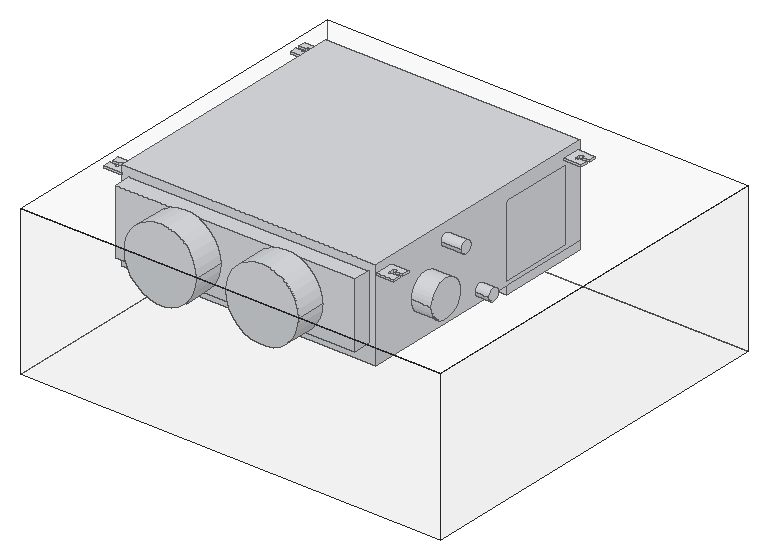
Revit family "pdfy-mp22_140gm_60Hz", category 機械設備, Revit 2019
Family settings
  丸型コネクタ寸法 = 直径を使用
  パーツ タイプ = 標準
  OmniClass 番号 = 23.75.10.24.21.27.27
  OmniClass タイトル = Split System Air Conditioning Units
  作業面ベース = いいえ
  常に垂直 = はい
  ロード時にボイドで切り取り = いいえ
  共有 = いいえ
  部屋計算ポイント = はい
Parameters (values of type "PDFY-MP22GM")
  騒音レベル（弱）(dB) = 48
  騒音レベル（中）(dB) = 54
  風量（弱）（m3／min） = 6
  風量（中）（m3／min） = 7.5
  風量（m3／min） = 8.5
  風量 = MAX風量  # 510.0 m³/h
  音響パワーレベル(dB) = 58
  電源種別 = ""
  電圧_電気ヒーター = 0 V
  電圧 = 200 V
  電動機出力_送風機 = 0.085 kW
  運転質量 = 0.00 kg
  連動 = ""
  質量 = if(製品質量 > 運転質量, 製品質量, 運転質量) * 1.2  # 28.80 kg
  負荷分類 = 3_ファン類
  説明 = "ビル用マルチエアコン 天井ビルトイン形 室内機"
  設計暖房能力 [instance] = 0 kW
  設計冷房能力_顕熱 [instance] = 0 kW
  設計冷房能力 [instance] = 0 kW
  設置方法 = "天井吊（隠ぺい）形"
  記号 [instance] = ""
  製造元 = "三菱電機株式会社"
  製品質量 = 24.00 kg
  製品出荷対象 = "国内"
  製品リリース年月 = "2024/9/30"
  製品グループ = ""
  系統 [instance] = ""
  符号 = "ACP-CIS"
  積算_科目 = "1 空気調和設備"
  積算_拾い区分 [instance] = ""
  相_電気ヒーター = 1
  相 = 1
  盤記号 [instance] = ""
  発停方法 = ""
  特殊仕様 [instance] = ""
  火災停止 = ""
  消費電力_電気ヒーター = 0 kW
  消費電力_暖房 = 0.05 kW
  消費電力_加湿器 = 0 kW
  消費電力_冷房 = 0.06 kW
  消費電力 = if(消費電力_冷房 > 消費電力_暖房, 消費電力_冷房, 消費電力_暖房) + 消費電力_加湿器 + 消費電力_電気ヒーター  # 0.06 kW
  法定耐用年数 = "15"
  機外静圧 = 30.0 Pa
  極数 = 1
  材質 [instance] = ""
  有効加湿量 = 0
  暖房能力 = 2.5 kW
  形式_加湿器 = ""
  形式 = "天井吊（隠ぺい）形（片ダクト形）"
  幹線記号 [instance] = ""
  始動方式 = "直入"
  呼称 = "室内機_天井吊（隠ぺい）形（片ダクト形）"
  周波数 = 60 Hz
  台数_手元リモコン [instance] = ""
  台数_冷媒分岐ユニット [instance] = ""
  参照している仕様書等のバージョン = "公共建築工事標準仕様書（機械設備工事編）平成31年度版"
  加湿給水管径 = 0.00 mm
  分類コード = "50053003221050"
  分類グループ = ""
  冷房能力 = 2.2 kW
  冷媒高低圧ガス管径 = 0.00 mm
  冷媒管径符号 = "Ac"
  冷媒管径 = 100.00 mm
  冷媒液管径 = 6.35 mm
  冷媒ガス管径 = 12.70 mm
  価格 = 0
  企業コード = "108420"
  付属品_フィルター = ""
  付属品 [instance] = ""
  仕様書バージョン = "Version1.0"
  モデル = "PDFY-MP22GM"
  パネル マテリアル = none
  ドレン管径 = 32.00 mm
  チャンバーボックス [instance] = yes
  ダクト高 = 178 mm
  ダクト幅 = 660 mm
  コメント [instance] = ""
  Keynote = ""
  Assembly Code = ""
  Width = 700 mm
  Version = ""
  Uniclass2015Version = "Systems v1.9"
  Uniclass2015Title = "Split coil remote air cooled condensing units"
  Uniclass2015Code = "Pr_70_65_03_84"
  URL = "https://www.mitsubishielectric.co.jp/ldg/wink/qr/002/335186/"
  SpecificationReference = ""
  SpecificationDescription = ""
  Revision = ""
  ProductInformation = ""
  OmniClassCode = "23-33 17 13 11"
  MIN風量 = 風量（弱）（m3／min） * 60.0 m³/h  # 360.0 m³/h
  MID風量 = 風量（中）（m3／min） * 60.0 m³/h  # 450.0 m³/h
  MAX風量 = 風量（m3／min） * 60.0 m³/h  # 510.0 m³/h
  IfcTypeProduct = ""
  IfcProduct = ""
  IfcExportType = "AIRCONDITIONINGUNIT"
  IfcExportAs = "IfcUnitaryEquipmentType"
  Height = 250 mm
  Depth = 701 mm
  Author = "三菱電機株式会社"
Types (10, lengths in mm): name | 騒音レベル（弱）(dB) | 騒音レベル（中）(dB) | 風量（弱）（m3／min） | 風量（中）（m3／min） | 風量（m3／min） | 風量 | 音響パワーレベル(dB) | 電動機出力_送風機 | 質量 | 製品質量 | 消費電力_暖房 | 消費電力_冷房 | 消費電力 | 暖房能力 | 冷房能力 | 冷媒管径符号 | 冷媒液管径 | 冷媒ガス管径 | モデル | ダクト幅 | Width | URL | MIN風量 | MID風量 | MAX風量
  PDFY-MP22GM | 48 | 54 | 6 | 7.5 | 8.5 | 510.0 m³/h | 58 | 0.085 kW | 28.80 kg | 24.00 kg | 0.05 kW | 0.06 kW | 0.06 kW | 2.5 kW | 2.2 kW | "Ac" | 6.35 | 12.70 | "PDFY-MP22GM" | 660 | 700 | "https://www.mitsubishielectric.co.jp/ldg/wink/qr/002/335186/" | 360.0 m³/h | 450.0 m³/h | 510.0 m³/h
  PDFY-MP28GM | 48 | 54 | 6 | 7.5 | 8.5 | 510.0 m³/h | 58 | 0.085 kW | 28.80 kg | 24.00 kg | 0.05 kW | 0.06 kW | 0.06 kW | 3.2 kW | 2.8 kW | "Ac" | 6.35 | 12.70 | "PDFY-MP28GM" | 660 | 700 | "https://www.mitsubishielectric.co.jp/ldg/wink/qr/002/335187/" | 360.0 m³/h | 450.0 m³/h | 510.0 m³/h
  PDFY-MP36GM | 51 | 58 | 7 | 9 | 10.5 | 630.0 m³/h | 62 | 0.085 kW | 28.80 kg | 24.00 kg | 0.07 kW | 0.08 kW | 0.08 kW | 4 kW | 3.6 kW | "Ac" | 6.35 | 12.70 | "PDFY-MP36GM" | 660 | 700 | "https://www.mitsubishielectric.co.jp/ldg/wink/qr/002/335188/" | 420.0 m³/h | 540.0 m³/h | 630.0 m³/h
  PDFY-MP45GM | 48 | 56 | 9 | 12 | 14 | 840.0 m³/h | 60 | 0.085 kW | 33.60 kg | 28.00 kg | 0.07 kW | 0.08 kW | 0.08 kW | 5 kW | 4.5 kW | "Ac" | 6.35 | 12.70 | "PDFY-MP45GM" | 860 | 900 | "https://www.mitsubishielectric.co.jp/ldg/wink/qr/002/335189/" | 540.0 m³/h | 720.0 m³/h | 840.0 m³/h
  PDFY-MP56GM | 50 | 60 | 10 | 14.5 | 17 | 1020.0 m³/h | 64 | 0.085 kW | 33.60 kg | 28.00 kg | 0.11 kW | 0.12 kW | 0.12 kW | 6.3 kW | 5.6 kW | "Ac" | 6.35 | 12.70 | "PDFY-MP56GM" | 860 | 900 | "https://www.mitsubishielectric.co.jp/ldg/wink/qr/002/335190/" | 600.0 m³/h | 870.0 m³/h | 1020.0 m³/h
  PDFY-MP71GM | 50 | 57 | 12.5 | 16 | 19 | 1140.0 m³/h | 62 | 0.121 kW | 39.60 kg | 33.00 kg | 0.12 kW | 0.12 kW | 0.12 kW | 8 kW | 7.1 kW | "Bd" | 9.52 | 15.88 | "PDFY-MP71GM" | 1060 | 1100 | "https://www.mitsubishielectric.co.jp/ldg/wink/qr/002/335191/" | 750.0 m³/h | 960.0 m³/h | 1140.0 m³/h
  PDFY-MP80GM | 52 | 59 | 13 | 18 | 22 | 1320.0 m³/h | 65 | 0.121 kW | 39.60 kg | 33.00 kg | 0.13 kW | 0.15 kW | 0.15 kW | 9 kW | 8 kW | "Bd" | 9.52 | 15.88 | "PDFY-MP80GM" | 1060 | 1100 | "https://www.mitsubishielectric.co.jp/ldg/wink/qr/002/335192/" | 780.0 m³/h | 1080.0 m³/h | 1320.0 m³/h
  PDFY-MP90GM | 52 | 59 | 13 | 18 | 22 | 1320.0 m³/h | 65 | 0.121 kW | 39.60 kg | 33.00 kg | 0.13 kW | 0.15 kW | 0.15 kW | 10 kW | 9 kW | "Bd" | 9.52 | 15.88 | "PDFY-MP90GM" | 1060 | 1100 | "https://www.mitsubishielectric.co.jp/ldg/wink/qr/002/335193/" | 780.0 m³/h | 1080.0 m³/h | 1320.0 m³/h
  PDFY-MP112GM | 56 | 65 | 20 | 28 | 33 | 1980.0 m³/h | 69 | 0.3 kW | 48.00 kg | 40.00 kg | 0.24 kW | 0.27 kW | 0.27 kW | 12.5 kW | 11.2 kW | "Bd" | 9.52 | 15.88 | "PDFY-MP112GM" | 1360 | 1400 | "https://www.mitsubishielectric.co.jp/ldg/wink/qr/002/335194/" | 1200.0 m³/h | 1680.0 m³/h | 1980.0 m³/h
  PDFY-MP140GM | 60 | 69 | 23.5 | 34 | 40 | 2400.0 m³/h | 74 | 0.3 kW | 48.00 kg | 40.00 kg | 0.39 kW | 0.41 kW | 0.41 kW | 16 kW | 14 kW | "Bd" | 9.52 | 15.88 | "PDFY-MP140GM" | 1360 | 1400 | "https://www.mitsubishielectric.co.jp/ldg/wink/qr/002/335195/" | 1410.0 m³/h | 2040.0 m³/h | 2400.0 m³/h
Reference planes
  plane 1 "中心(正面/背面)": y = 0
  plane 2: z = 0
  plane 3 "中心(左/右)": x = 0
  plane 4: y = 407.5
  plane 5: x = -390
  plane 6: x = 770
  plane 7: y = -650.5
  plane 8: y = -350.5
  plane 9: y = 350.5
  plane 10: x = -350
  plane 11: x = 350
  plane 12: z = 22
  plane 13: z = 272
  plane 14: z = 282
  plane 15: z = -130
Lines and regions (mm)
  symbolic lines, detail levels fine
    curve 1: line (-350, 350.5, 0) -> (350, 350.5, 0)
    curve 2: line (-350, -397.5, 0) -> (-350, 350.5, 0)
    curve 3: line (350, -397.5, 0) -> (-350, -397.5, 0)
    curve 4: line (350, 350.5, 0) -> (350, -397.5, 0)
Dimensions and locks
  "Width": plane 10 to plane 11
  locked: plane 8 to plane 7 at 300
  locked: plane 4 to plane 9 at 57
  equal spacing: plane 9, plane 1 "中心(正面/背面)", plane 8
  "Depth": plane 9 to plane 8
  equal spacing: plane 10, plane 3 "中心(左/右)", plane 11
  locked: plane 11 to plane 6 at 420
  locked: plane 5 to plane 10 at 40
  locked: plane 12 to plane 2 at 22
  "Height": plane 13 to plane 12
  locked: plane 14 to plane 13 at 10
  locked: plane 2 to plane 15 at 130
  aligned and locked: level to plane 2
  aligned and locked: plane 1 "中心(正面/背面)" to nested 1
  aligned and locked: plane 3 "中心(左/右)" to nested 1
  aligned and locked: plane 6 to nested 2
  aligned and locked: plane 5 to nested 2
  aligned and locked: plane 15 to nested 2
  aligned and locked: plane 14 to nested 2
  aligned and locked: nested 2 to plane 7
  aligned and locked: nested 2 to plane 4
Automatic sketch dimensions
  curve 3 to plane 8 = 47 mm
  curve 3 to plane 10 = 0 mm
  curve 3 to plane 11 = 0 mm
  curve 2 to plane 9 = 0 mm
Nested families
  nested 1: "PDFY-MP_GM" at (0, 0, 0), ①高さ <- "Height", ①幅 <- "Width", ①奥行き <- "Depth", ダクト幅 <- "ダクト幅", ダクト高 <- "ダクト高", type "PDFY-MP_GM"
    with 配管径 100 mm, 液径 9.52 mm, 液W 57 mm, 液H 122 mm, 液D 136 mm, 吊りボルトW 754 mm, 吊りボルトH 20 mm, 吊りボルトD 643 mm, 加湿器径 0 mm, 加湿器W 0 mm, 加湿器H 0 mm, 加湿器D 0 mm, ドレン径 32 mm, ドレンW 40 mm, ドレンH 217 mm, ドレンD 356 mm, ダクト高 178 mm, ダクト幅 660 mm, ダクト④ no, ダクト③ no, ダクト② yes, ダクト① yes, ガス径 15.88 mm, ガスW 78 mm, ガスH 33 mm, ガスD 67 mm, ①高さ 250 mm, ①幅 700 mm, ①奥行き 701 mm, G 320 mm, F 320 mm, E 280 mm, D 210 mm
  nested 2: "サービススペース" at (190, -121.5, 76), type "サービススペース"
    with Width 1160 mm, Height 412 mm, Depth 1058 mm
Connectors
  piping at (407, -181, 133.5), diameter 100, driven by "冷媒管径", driven by "冷媒管径符号"
    settings: on nested 1, index 5, connector inside diameter 609.60 mm, connector length 0 mm, flow factor 0, pipe flow 0.0 L/s, pressure drop 0.0 kPa, fitting loss kfactor 0, connector angle 0.00°, fixture units 0, engagement length 0 mm, angle of deflection 0.00°, flow configuration 1, flow direction 1, fitting loss method 4, system type 7, joint type 0, gender type 0, connector reference index -1, connector utility 0, adjustable connector no, is connector primary yes, connector description "Ac"
  piping at (390, 5.5, 55), diameter 32, driven by "ドレン管径"
    settings: on nested 1, index 6, connector inside diameter 609.60 mm, connector length 0 mm, flow factor 0, pipe flow 0.0 L/s, pressure drop 0.0 kPa, fitting loss kfactor 0, connector angle 0.00°, fixture units 0, engagement length 0 mm, angle of deflection 0.00°, flow configuration 1, flow direction 2, fitting loss method 4, system type 16, joint type 0, gender type 0, connector reference index -1, connector utility 0, adjustable connector no, is connector primary no, connector description ""
  electrical at (351, 200.5, 133), driven by "極数", driven by "負荷分類", driven by "電圧", driven by "消費電力"
    settings: on nested 1, index 7, voltage 200 V, apparent load 60 VA, apparent load phase1 0 VA, apparent load phase2 0 VA, apparent load phase3 0 VA, power factor 1, load classification "3_ファン類", number of poles 1, system type 30, power factor state 1, is connector primary yes, connector utility no, sub classification motor no, connector description ""
  hvac at (0, -397.5, 160), driven by "ダクト高", driven by "ダクト幅", driven by "機外静圧", driven by "風量"
    settings: on nested 1, index 8, duct flow 510.0 m³/h, flow factor 0, pres drop 30.0 Pa, loss coef 0, conn angle 0.00°, conn width 660 mm, conn height 178 mm, conn diameter 609.6 mm, duct sys type 1, conn prof type 1, flow config 0, flow direction 2, loss method 4, conn ref index -1, conn util no, is conn primary yes, conn desc ""
  piping at (408, -112.5, 231), diameter 32, driven by "ドレン管径"
    settings: on nested 1, index 9, connector inside diameter 609.60 mm, connector length 0 mm, flow factor 0, pipe flow 0.0 L/s, pressure drop 0.0 kPa, fitting loss kfactor 0, connector angle 0.00°, fixture units 0, engagement length 0 mm, angle of deflection 0.00°, flow configuration 1, flow direction 2, fitting loss method 4, system type 16, joint type 0, gender type 0, connector reference index -1, connector utility 0, adjustable connector no, is connector primary no, connector description ""
Definition of nested family "PDFY-MP_GM"
  Parameters (values of type "PDFY-MP_GM")
    加湿器径 [instance] = 0 mm
    加湿器W [instance] = 0 mm
    加湿器H [instance] = 0 mm
    加湿器D [instance] = 0 mm
    液径 [instance] = 9.52 mm
    吊りボルトW [instance] = ①幅 + 54 mm  # 754 mm
    吊りボルトH [instance] = 20 mm
    吊りボルトD [instance] = 643 mm  # constant formula
    配管径 [instance] = 100 mm  # constant formula
    液W [instance] = 57 mm  # constant formula
    液H [instance] = 122 mm  # constant formula
    液D [instance] = 136 mm  # constant formula
    ドレン径 [instance] = 32 mm  # constant formula
    ドレンW [instance] = 40 mm  # constant formula
    ドレンH [instance] = 217 mm  # constant formula
    ドレンD [instance] = 356 mm  # constant formula
    ダクト高 [instance] = 178 mm
    ダクト幅 [instance] = 660 mm
    ダクト④ [instance] = ①幅 > 1300 mm  # no
    ダクト③ [instance] = ①幅 > 1000 mm  # no
    ダクト② [instance] = yes
    ダクト① [instance] = yes
    ガス径 [instance] = 15.88 mm
    ガスW [instance] = 78 mm  # constant formula
    ガスH [instance] = 33 mm  # constant formula
    ガスD [instance] = 67 mm  # constant formula
    ①幅 [instance] = 700 mm
    ①高さ [instance] = 250 mm
    ①奥行き [instance] = 701 mm
    G [instance] = 320 mm  # constant formula
    F [instance] = 320 mm  # constant formula
    E [instance] = if(①幅 = 1400 mm, 320 mm, if(①幅 = 1100 mm, 320 mm, if(①幅 = 900 mm, 450 mm, 280 mm)))  # 280 mm
    D [instance] = if(①幅 = 1400 mm, 220 mm, if(①幅 = 1100 mm, 230 mm, if(①幅 = 900 mm, 225 mm, 210 mm)))  # 210 mm
  Reference planes
    plane 1 "中心(正面/背面)": y = 0
    plane 2: z = 0
    plane 3 "中心(左/右)": x = 0
    plane 4: x = -350
    plane 5: x = 350
    plane 6: y = 350.5
    plane 7: y = -350.5
    plane 8: z = 272
    plane 9: y = 317.5
    plane 10: y = -325.5
    plane 11: x = -377
    plane 12: x = 377
    plane 13: y = 421.5
    plane 14: z = 252
    plane 15: z = 247
    plane 16: y = -397.5
    plane 17: x = -330
    plane 18: y = -479.5
    plane 19: z = 71
    plane 20: z = 249
    plane 21: x = -400
    plane 22: x = 400
    plane 23: y = -300.5
    plane 24: y = 342.5
    plane 25: y = 292.5
    plane 26: x = -460
    plane 27: x = -140
    plane 28: x = 140
    plane 29: x = -780
    plane 30: z = 156
    plane 31: z = 22
    plane 32: y = 100.5
    plane 33: y = 5.5
    plane 34: y = -147.5
    plane 35: y = -214.5
    plane 36: y = -181
    plane 37: z = 150
    plane 38: z = 117
    plane 39: z = 133.5
    plane 40: x = 407
    plane 41: x = 390
    plane 42: z = 55
    plane 43: x = 351
    plane 44: z = 231
    plane 45: y = -112.5
    plane 46: x = 330
  Forms (mm)
    Extrusion 1, solid, detail levels fine
      sketch origin (0, 0, 0) x (1, 0, 0) y (0, 1, 0)
        loop
          line (-350, 350.5) -> (-350, -350.5) -> (350, -350.5) -> (350, 350.5) -> (-350, 350.5)
      from 22 to 272
    Extrusion 2, solid, detail levels fine
      sketch origin (0, 0, 0) x (1, 0, 0) y (0, 0, 1)
        loop
          line (330, 249) -> (-330, 249) -> (-330, 71) -> (330, 71) -> (330, 249)
      from 350.5 to 397.5
    Extrusion 3, solid, detail levels fine
      sketch origin (0, 0, 0) x (1, 0, 0) y (0, 1, 0)
        loop
          line (350, 342.5) -> (350, 292.5) -> (400, 292.5) -> (400, 312.5) -> (382, 312.5)
          arc (382, 312.5) -> (377, 307.5) -> (372, 312.5) r 5
          line (372, 312.5) -> (372, 322.5)
          arc (372, 322.5) -> (377, 327.5) -> (382, 322.5) r 5
          line (382, 322.5) -> (400, 322.5) -> (400, 342.5) -> (350, 342.5)
        loop
          line (400, -300.5) -> (350, -300.5) -> (350, -350.5) -> (400, -350.5) -> (400, -330.5) -> (382, -330.5)
          arc (382, -330.5) -> (377, -335.5) -> (372, -330.5) r 5
          line (372, -330.5) -> (372, -320.5)
          arc (372, -320.5) -> (377, -315.5) -> (382, -320.5) r 5
          line (382, -320.5) -> (400, -320.5) -> (400, -300.5)
        loop
          line (-400, 342.5) -> (-400, 322.5) -> (-382, 322.5)
          arc (-382, 322.5) -> (-377, 327.5) -> (-372, 322.5) r 5
          line (-372, 322.5) -> (-372, 312.5)
          arc (-372, 312.5) -> (-377, 307.5) -> (-382, 312.5) r 5
          line (-382, 312.5) -> (-400, 312.5) -> (-400, 292.5) -> (-350, 292.5) -> (-350, 342.5) -> (-400, 342.5)
        loop
          line (-400, -300.5) -> (-400, -320.5) -> (-382, -320.5)
          arc (-382, -320.5) -> (-377, -315.5) -> (-372, -320.5) r 5
          line (-372, -320.5) -> (-372, -330.5)
          arc (-372, -330.5) -> (-377, -335.5) -> (-382, -330.5) r 5
          line (-382, -330.5) -> (-400, -330.5) -> (-400, -350.5) -> (-350, -350.5) -> (-350, -300.5) -> (-400, -300.5)
      from 247 to 252
    Extrusion 4, solid, visible <- "ダクト①", detail levels fine
      sketch origin (0, 0, 0) x (1, 0, 0) y (0, 0, 1)
        loop
          circle (140, 156) r 100
      from 397.5 to 479.5
    Extrusion 5, solid, detail levels fine
      sketch origin (0, 0, 0) x (1, 0, 0) y (0, 1, 0)
        loop
          line (-350, 350.5) -> (-350, 100.5) -> (350, 100.5) -> (350, 350.5) -> (-350, 350.5)
      from 0 to 22
    Extrusion 6, solid, detail levels fine
      sketch origin (0, 0, 0) x (0, 1, 0) y (0, 0, 1)
        loop
          circle (-181, 133.5) r 50
      from 350 to 407
    Extrusion 7, solid, detail levels fine
      sketch origin (0, 0, 0) x (0, 1, 0) y (0, 0, 1)
        loop
          circle (5.5, 55) r 16
      from 350 to 390
    Extrusion 8, solid, detail levels fine
      sketch origin (0, 0, 0) x (0, 1, 0) y (0, 0, 1)
        loop
          line (100.5, 231) -> (100.5, 35) -> (300.5, 35) -> (300.5, 231) -> (100.5, 231)
      from 350 to 351
    Extrusion 9, solid, visible <- "ダクト②", detail levels fine
      sketch origin (-140, 0, 0) x (1, 0, 0) y (0, 0, 1)
        loop
          circle (0, 156) r 100
      from 397.5 to 479.5
    Extrusion 10, solid, visible <- "ダクト③", detail levels fine
      sketch origin (-280, 0, 0) x (1, 0, 0) y (0, 0, 1)
        loop
          circle (-180, 156) r 100
      from 397.5 to 479.5
    Extrusion 11, solid, visible <- "ダクト④", detail levels fine
      sketch origin (-420, 0, 0) x (1, 0, 0) y (0, 0, 1)
        loop
          circle (-360, 156) r 100
      from 397.5 to 479.5
    Extrusion 12, solid, detail levels coarse+medium
      sketch origin (0, 0, 0) x (1, 0, 0) y (0, 1, 0)
        loop
          line (-350, 350.5) -> (-350, -397.5) -> (350, -397.5) -> (350, 350.5) -> (-350, 350.5)
      from 22 to 272
    Extrusion 13, solid, detail levels fine
      sketch origin (350, 350.5, 0) x (0, -1, 0) y (0, 0, -1)
        loop
          circle (463, -231) r 16
      from 0 to 58
  Dimensions and locks
    equal spacing: plane 7, plane 1 "中心(正面/背面)", plane 6
    "①奥行き": plane 7 to plane 6
    equal spacing: plane 4, plane 3 "中心(左/右)", plane 5
    "①幅": plane 4 to plane 5
    equal spacing: plane 11, plane 3 "中心(左/右)", plane 12
    "吊りボルトW": plane 11 to plane 12
    locked: plane 8 to plane 14 at 20
    locked: plane 14 to plane 15 at 5
    "ダクト高": plane 20 to plane 19
    locked: plane 21 to plane 11 at 23
    locked: plane 12 to plane 22 at 23
    locked: plane 9 to plane 6 at 33
    "吊りボルトD": plane 10 to plane 9
    plane 25 to plane 9 to plane 24 = 25 mm locked, 25 mm locked
    plane 7 to plane 10 to plane 23 = 25 mm, 25 mm
    locked: plane 8 to plane 20 at 23
    locked: plane 16 to plane 7 at 47
    locked: plane 18 to plane 16 at 82
    "E": plane 27 to plane 28
    "F": plane 26 to plane 27
    "G": plane 29 to plane 26
    locked: plane 8 to plane 30 at 116
    locked: plane 31 to level at 22
    "①高さ": plane 8 to plane 31
    locked: plane 32 to plane 6 at 250
    "液D": plane 7 to plane 35
    "ドレンD": plane 7 to plane 33
    "ガスD": plane 35 to plane 34
    equal spacing: plane 35, plane 36, plane 34
    "液H": plane 8 to plane 37
    "ガスH": plane 37 to plane 38
    equal spacing: plane 37, plane 39, plane 38
    "液W": plane 5 to plane 40
    "ドレンW": plane 5 to plane 41
    "ドレンH": plane 8 to plane 42
    plane 8 to plane 42 = 217 mm
    locked: plane 5 to plane 43 at 1
    "D": plane 28 to plane 5
    equal spacing: plane 46, plane 3 "中心(左/右)", plane 17
    "ダクト幅": plane 46 to plane 17
    radius of Extrusion 4 sketch curve = 100 mm
    "配管径": diameter of Extrusion 6 sketch curve
    "ドレン径": diameter of Extrusion 7 sketch curve
    radius of Extrusion 9 sketch curve = 100 mm
    radius of Extrusion 10 sketch curve = 100 mm
    radius of Extrusion 11 sketch curve = 100 mm
    diameter of Extrusion 13 sketch curve = 32 mm
    aligned and locked: level to plane 2
    aligned and locked: plane 6 to Extrusion 1 sketch curve
    aligned and locked: plane 4 to Extrusion 1 sketch curve
    aligned and locked: Extrusion 1 sketch curve to plane 7
    aligned and locked: Extrusion 1 sketch curve to plane 5
    aligned and locked: plane 8 to Extrusion 1
    aligned and locked: plane 20 to Extrusion 2 sketch curve
    aligned and locked: Extrusion 2 sketch curve to plane 19
    aligned and locked: Extrusion 2 sketch curve to plane 17
    aligned and locked: plane 16 to Extrusion 2
    aligned and locked: Extrusion 2 to plane 7
    aligned and locked: plane 10 to nested 1
    aligned and locked: plane 11 to nested 1
    aligned and locked: plane 12 to nested 1
    aligned and locked: nested 1 to plane 9
    aligned and locked: plane 24 to Extrusion 3 sketch curve  (x2)
    aligned and locked: plane 5 to Extrusion 3 sketch curve
    aligned and locked: Extrusion 3 sketch curve to plane 25  (x2)
    aligned and locked: Extrusion 3 sketch curve to plane 22  (x2)
    aligned and locked: Extrusion 3 sketch curve to plane 23
    aligned and locked: plane 22 to Extrusion 3 sketch curve  (x2)
    aligned and locked: Extrusion 1 to Extrusion 3 sketch curve  (x2)
    aligned and locked: Extrusion 3 sketch curve to Extrusion 1  (x2)
    aligned and locked: plane 21 to Extrusion 3 sketch curve  (x4)
    aligned and locked: Extrusion 3 sketch curve to plane 4
    aligned and locked: plane 23 to Extrusion 3 sketch curve
    aligned and locked: plane 11 to Extrusion 3 sketch curve  (x4)
    aligned and locked: plane 12 to Extrusion 3 sketch curve  (x4)
    aligned and locked: plane 14 to Extrusion 3
    aligned and locked: Extrusion 3 to plane 15
    aligned and locked: plane 28 to Extrusion 4 sketch curve
    aligned and locked: plane 30 to Extrusion 4 sketch curve
    aligned and locked: plane 18 to Extrusion 4
    aligned and locked: Extrusion 4 to plane 16
    aligned and locked: Extrusion 1 to plane 31
    aligned and locked: Extrusion 5 sketch curve to Extrusion 1  (x2)
    aligned and locked: Extrusion 5 sketch curve to plane 32
    aligned and locked: Extrusion 5 sketch curve to plane 5
    aligned and locked: Extrusion 5 to Extrusion 1
    aligned and locked: plane 36 to Extrusion 6 sketch curve
    aligned and locked: plane 39 to Extrusion 6 sketch curve
    aligned and locked: Extrusion 6 to plane 5
    aligned and locked: plane 40 to Extrusion 6
    aligned and locked: plane 33 to Extrusion 7 sketch curve
    aligned and locked: plane 42 to Extrusion 7 sketch curve
    aligned and locked: plane 41 to Extrusion 7
    aligned and locked: Extrusion 7 to plane 5
    aligned and locked: plane 43 to Extrusion 8
    aligned and locked: Extrusion 8 to plane 5
    aligned and locked: plane 27 to Extrusion 9 sketch curve
    aligned and locked: plane 30 to Extrusion 9 sketch curve
    aligned and locked: plane 26 to Extrusion 10 sketch curve
    aligned and locked: plane 30 to Extrusion 10 sketch curve
    aligned and locked: plane 30 to Extrusion 11 sketch curve
    aligned and locked: plane 29 to Extrusion 11 sketch curve
    aligned and locked: plane 18 to Extrusion 11
    aligned and locked: Extrusion 11 to plane 16
    aligned and locked: plane 18 to Extrusion 10
    aligned and locked: Extrusion 10 to plane 16
    aligned and locked: Extrusion 9 to plane 16
    aligned and locked: plane 18 to Extrusion 9
    aligned and locked: plane 6 to Extrusion 12 sketch curve
    aligned and locked: Extrusion 12 sketch curve to plane 16
    aligned and locked: Extrusion 12 sketch curve to plane 5
    aligned and locked: plane 8 to Extrusion 12
    aligned and locked: Extrusion 1 to Extrusion 12
    aligned and locked: Extrusion 12 sketch curve to Extrusion 1
  Automatic sketch dimensions
    Extrusion 3 sketch curve to plane 11 = 5 mm  (x2)
    Extrusion 3 sketch curve to Extrusion 3 sketch curve = 5 mm
    Extrusion 3 sketch curve to plane 12 = 5 mm
    plane 10 to Extrusion 3 sketch curve = 5 mm  (x2)
    Extrusion 3 sketch curve to Extrusion 3 sketch curve = 0 mm  (x4)
    Extrusion 3 sketch curve to plane 10 = 5 mm  (x2)
    plane 9 to Extrusion 3 sketch curve = 5 mm  (x3)
    Extrusion 3 sketch curve to plane 9 = 5 mm  (x2)
    Extrusion 8 sketch curve to plane 32 = 0 mm
    Extrusion 8 sketch curve to plane 25 = 8 mm
    plane 31 to Extrusion 8 sketch curve = 13 mm
    Extrusion 8 sketch curve to plane 15 = 16 mm
    Extrusion 2 sketch curve to plane 5 = 20 mm
    Extrusion 12 to Extrusion 13 sketch curve = 41 mm
    Extrusion 12 to Extrusion 13 sketch curve = 285 mm
  Nested families
    nested 1: "固定点" at (-377, -325.5, 0), type "固定点", detail levels fine
      with W 754 mm, D 643 mm, 中心円 10 mm
  Definition of nested family "固定点"
    Parameters (values of type "固定点")
      中心円 = 20 mm
      W [instance] = 1000 mm
      D [instance] = 1000 mm
    Reference planes
      plane 1 "中心(正面/背面)": y = 0
      plane 2: z = 0
      plane 3 "中心(左/右)": x = 0
      plane 4: x = 1000
      plane 5: y = 1000
    Lines and regions (mm)
      symbolic lines, detail levels fine
        curve 1: circle (0, 1000, 0) r 10 normal (0, 0, 1)
        curve 2: circle (0, 0, 0) r 10 normal (0, 0, 1)
        curve 3: circle (1000, 1000, 0) r 10 normal (0, 0, 1)
        curve 4: circle (1000, 0, 0) r 10 normal (0, 0, 1)
        curve 5: line (-200, 1000, 0) -> (1200, 1000, 0)
        curve 6: line (-200, 0, 0) -> (1200, 0, 0)
        curve 7: line (0, 1200, 0) -> (0, -200, 0)
        curve 8: line (1000, 1200, 0) -> (1000, -200, 0)
    Dimensions and locks
      "W": plane 3 "中心(左/右)" to plane 4
      "D": plane 1 "中心(正面/背面)" to plane 5
      "中心円": diameter of curve 1
      "中心円": diameter of curve 2
      "中心円": diameter of curve 3
      "中心円": diameter of curve 4
      aligned and locked: level to plane 2
      aligned and locked: plane 5 to curve 1
      aligned and locked: plane 3 "中心(左/右)" to curve 1
      aligned and locked: plane 3 "中心(左/右)" to curve 2
      aligned and locked: plane 1 "中心(正面/背面)" to curve 2
      aligned and locked: plane 4 to curve 3
      aligned and locked: plane 5 to curve 3
      aligned and locked: plane 1 "中心(正面/背面)" to curve 4
      aligned and locked: plane 4 to curve 4
      aligned and locked: plane 1 "中心(正面/背面)" to curve 6
      aligned and locked: curve 7 to plane 3 "中心(左/右)"
      aligned and locked: curve 8 to plane 4
    Automatic sketch dimensions
      curve 5 to plane 5 = 0 mm
      curve 6 to plane 3 "中心(左/右)" = 200 mm
      curve 5 to plane 3 "中心(左/右)" = 200 mm
      curve 4 to curve 6 = 200 mm
      curve 3 to curve 5 = 200 mm
      plane 1 "中心(正面/背面)" to curve 8 = 200 mm
      plane 1 "中心(正面/背面)" to curve 7 = 200 mm
      curve 3 to curve 8 = 200 mm
      curve 1 to curve 7 = 200 mm
Definition of nested family "サービススペース"
  Parameters (values of type "サービススペース")
    Width [instance] = 500 mm
    Height [instance] = 500 mm
    Depth [instance] = 500 mm
  Reference planes
    plane 1 "中心(正面/背面)": y = 0
    plane 2: z = 0
    plane 3 "中心(左/右)": x = 0
    plane 4: y = -250
    plane 5: x = 250
    plane 6: y = 250
    plane 7: x = -250
    plane 8: z = 250
    plane 9: z = -250
  Forms (mm)
    Extrusion 1, solid
      sketch origin (-638.939, 0, 72.39) x (1, 0, 0) y (0, 1, 0)
        loop
          line (388.939, 250) -> (388.939, -250) -> (888.939, -250) -> (888.939, 250) -> (388.939, 250)
      from -322.39 to 177.61
  Lines and regions (mm)
    symbolic lines
      curve 1: line (-250, 0, 250) -> (250, 0, 250)
      curve 2: line (-250, 0, -250) -> (-250, 0, 250)
      curve 3: line (250, 0, -250) -> (-250, 0, -250)
      curve 4: line (250, 0, 250) -> (250, 0, -250)
      curve 5: line (0, -250, 250) -> (0, 250, 250)
      curve 6: line (0, -250, -250) -> (0, -250, 250)
      curve 7: line (0, 250, -250) -> (0, -250, -250)
      curve 8: line (0, 250, 250) -> (0, 250, -250)
      curve 9: line (-250, 250, 0) -> (250, 250, 0)
      curve 10: line (-250, -250, 0) -> (-250, 250, 0)
      curve 11: line (250, -250, 0) -> (-250, -250, 0)
      curve 12: line (250, 250, 0) -> (250, -250, 0)
  Dimensions and locks
    equal spacing: plane 7, plane 3 "中心(左/右)", plane 5
    equal spacing: plane 4, plane 1 "中心(正面/背面)", plane 6
    "Depth": plane 4 to plane 6
    "Width": plane 7 to plane 5
    equal spacing: plane 8, plane 2, plane 9
    "Height": plane 8 to plane 9
    aligned and locked: plane 9 to curve 3
    aligned and locked: plane 7 to curve 2
    aligned and locked: curve 4 to plane 5
    aligned and locked: plane 5 to Extrusion 1
    aligned and locked: Extrusion 1 to plane 7
    aligned and locked: Extrusion 1 to plane 9
    aligned and locked: plane 8 to Extrusion 1
    aligned and locked: plane 9 to curve 7
  Automatic sketch dimensions
    plane 4 to Extrusion 1 sketch curve = 0 mm
    Extrusion 1 sketch curve to plane 7 = 0 mm
    Extrusion 1 sketch curve to plane 5 = 0 mm
    plane 6 to Extrusion 1 sketch curve = 0 mm
    curve 2 to plane 8 = 0 mm
    plane 4 to curve 11 = 0 mm
    curve 11 to plane 7 = 0 mm
    curve 11 to plane 5 = 0 mm
    plane 6 to curve 10 = 0 mm
    curve 7 to plane 4 = 0 mm
    curve 7 to plane 6 = 0 mm
    curve 6 to plane 8 = 0 mm
